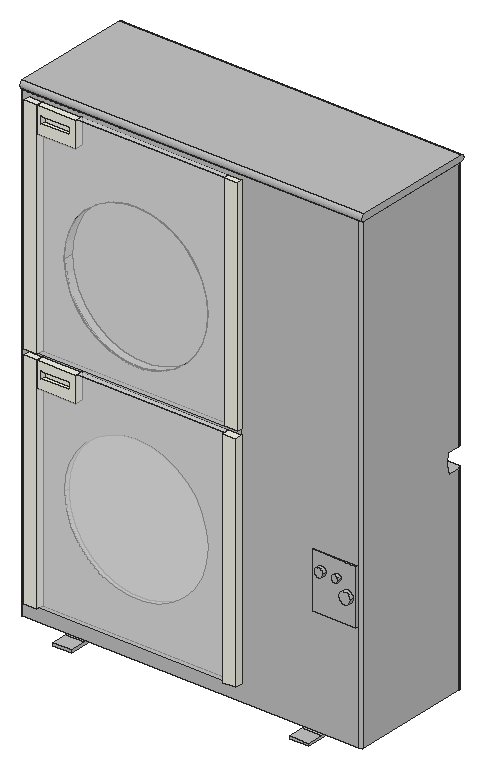
Revit family
Parameters (values of type "PUMY-P36NHMU")
  Width = 950.913 mm  # constant formula
  Subcategory = "HVAC"  # constant formula
  Specification URL = "http://www.mrslim.com/customerCare/resources.asp"
  Sound Pressure Levels (dB(A)) = "49"
  SmartBIM Object Version = 3  # constant formula
  SmartBIM Object Created BY = "Reed Construction Data"  # constant formula
  Refrigerant Type = "R410A"  # constant formula
  Refrigerant Service Valve (Liquid) Radius = 9.525 mm
  Refrigerant Service Valve (Gas) Radius = 15.875 mm
  Refrigerant Charge = "18lbs 12oz"  # constant formula
  Refirigerant Pipe Diameter (Liquid) = "3/8\""
  Refirigerant Pipe Diameter (Gas) = "5/8\""
  Protection Devices High Pressure Protection = "High Pressure Switch"  # constant formula
  Protection Devices Fan = "Overheat / Voltage Protection"  # constant formula
  Protection Devices Compressor = "Discharge Thermo / Overcurrent Detection"  # constant formula
  Pressure Drop FT (Water Source Only) = ""
  Power Source = "208/230, 1, 60"  # constant formula
  Power Input Heating = "2.93 kW"
  Power Input Cooling = "3.22 kW"
  Unit Weight (LBS) = "287"  # constant formula
  Nominal GPM (Water Source Only) = ""
  Model = "PUMY-P36NHMU"
  Manufacturer URL = "http://www.mrslim.com/customerCare/resources.asp"
  MCA = "26"  # constant formula
  MOCP = "40"  # constant formula
  Manufacturer = "Mitsubishi Electric"  # constant formula
  Lubricant = "FV50S"  # constant formula
  Left Air Inlet Width = 220 mm  # constant formula
  Left Air Inlet Height = 1280 mm  # constant formula
  Installation URL = "http://www.mrslim.com/customerCare/resources.asp"
  Indoor Unit Total Capacity = "50% –130% of Outdoor Unit Capacity"  # constant formula
  Indoor Unit Model / Quantity = "P06-P36 / 1 ~ 6"
  Height = 1350.963 mm  # constant formula
  Heating Outdoor = "0°F ~ +60°F (-18° ~ +15°C) WB"  # constant formula
  Grille Support = Smooth Ivory
  Grille = White Matte
  Fan Type x Quantity = "Propeller Fan x 2"  # constant formula
  Fan Motor Output = "0.086 + 0.086 kW"  # constant formula
  Fan Airflow Rate = "3,530 cfm"  # constant formula
  Description = "T/YHMU Outdoor Units"  # constant formula
  Depth = 360.363 mm  # constant formula
  Default Elevation = 1219.2 mm
  Current Heating (208 / 230) = "12.9 / 14.2 A"
  Current Cooling (208 / 230) = "14.2 / 15.7 A"
  Cooling Outdoor = "23°F ~ 115°F (-5° ~ +46°C) DB"  # constant formula
  Compressor Type = "Inverter scroll hermetic"  # constant formula
  Compressor Motor Output = "2.2 kW"
  Heating Capacity (BTU) = "36,000"
  Cooling Capacity (BTU) = "40,000"
  Back Air Inlet Width = 925 mm  # constant formula
  Back Air Inlet Height = 600 mm  # constant formula
  Assembly Code = "D3050200"
  Air Outlet Width = 590 mm  # constant formula
  Air Outlet Height = 1255 mm  # constant formula
  External Finish = Pre-coated Galvanized-Steel Sheet
  95 CSI = "15670"  # constant formula
  04 CSI = "23 81 26"  # constant formula
Types (2, lengths in mm): name | Sound Pressure Levels (dB(A)) | Power Input Heating | Power Input Cooling | Model | Indoor Unit Model / Quantity | Current Heating (208 / 230) | Current Cooling (208 / 230) | Compressor Motor Output | Heating Capacity (BTU) | Cooling Capacity (BTU)
  PUMY-P36NHMU | "49" | "2.93 kW" | "3.22 kW" | "PUMY-P36NHMU" | "P06-P36 / 1 ~ 6" | "12.9 / 14.2 A" | "14.2 / 15.7 A" | "2.2 kW" | "36,000" | "40,000"
  PUMY-P48NHMU | "50" | "4.88 kW" | "4.97 kW" | "PUMY-P48NHMU" | "P06-P54 / 1 ~ 8" | "23.6 / 21.3 A" | "24.0 / 21.7 A" | "2.4 kW" | "48,000" | "54,000"
Reference planes
  plane 1 "Center (Front/Back)": y = 242.219
  plane 2: z = 0
  plane 3 "Center (Left/Right)": x = -106.028
  plane 4: x = -581.484
  plane 5: x = 369.428
  plane 6: y = 422.4
  plane 7: y = 62.038
  plane 8: z = 1350.963
  plane 9: x = -568.528
  plane 10: y = 416.719
  plane 11: y = 76.064
  plane 12: z = 1330.546
  plane 13: x = 356.472
  plane 14: y = 71.552
  plane 15: x = 234.45
  plane 16: y = 429.799
  plane 17: y = -937.962
  plane 18: y = 572.4
  plane 19: x = -591.484
  plane 20: x = 379.428
Forms (mm)
  Extrusion 1, solid, material "Pre-coated Galvanized-Steel Sheet" <- "External Finish"
    sketch origin (-106.028, 0, 0) x (0, 1, 0) y (0, 0, 1)
      loop
        line (414.601, 1330.546) -> (88.564, 1330.546) -> (88.564, 18.449) -> (414.601, 18.449) -> (414.601, 570.436) -> (344.601, 570.436)
        arc (344.601, 570.436) -> (342.119, 597.936) -> (344.601, 625.436) r 153.605
        line (344.601, 625.436) -> (414.601, 625.436) -> (414.601, 1330.546)
      loop
        line (337.12, 116.505) -> (337.12, 292.663)
        arc (337.12, 292.663) -> (320.671, 301.596) -> (303.431, 294.306) r 21.571
        line (303.431, 294.306) -> (303.431, 119.213)
        arc (303.431, 119.213) -> (319.426, 107.297) -> (337.12, 116.505) r 18.774
      loop
        line (292.12, 116.505) -> (292.12, 292.663)
        arc (292.12, 292.663) -> (275.671, 301.596) -> (258.431, 294.306) r 21.571
        line (258.431, 294.306) -> (258.431, 119.213)
        arc (258.431, 119.213) -> (274.426, 107.297) -> (292.12, 116.505) r 18.774
      loop
        line (242.12, 116.505) -> (242.12, 292.663)
        arc (242.12, 292.663) -> (225.671, 301.596) -> (208.431, 294.306) r 21.571
        line (208.431, 294.306) -> (208.431, 119.213)
        arc (208.431, 119.213) -> (224.426, 107.297) -> (242.12, 116.505) r 18.774
      loop
        line (197.12, 116.505) -> (197.12, 292.663)
        arc (197.12, 292.663) -> (180.671, 301.596) -> (163.431, 294.306) r 21.571
        line (163.431, 294.306) -> (163.431, 119.213)
        arc (163.431, 119.213) -> (179.426, 107.297) -> (197.12, 116.505) r 18.774
      loop
        line (337.12, 321.505) -> (337.12, 497.663)
        arc (337.12, 497.663) -> (320.671, 506.596) -> (303.431, 499.306) r 21.571
        line (303.431, 499.306) -> (303.431, 324.213)
        arc (303.431, 324.213) -> (319.426, 312.297) -> (337.12, 321.505) r 18.774
      loop
        line (292.12, 321.505) -> (292.12, 497.663)
        arc (292.12, 497.663) -> (275.671, 506.596) -> (258.431, 499.306) r 21.571
        line (258.431, 499.306) -> (258.431, 324.213)
        arc (258.431, 324.213) -> (274.426, 312.297) -> (292.12, 321.505) r 18.774
      loop
        line (242.12, 321.505) -> (242.12, 497.663)
        arc (242.12, 497.663) -> (225.671, 506.596) -> (208.431, 499.306) r 21.571
        line (208.431, 499.306) -> (208.431, 324.213)
        arc (208.431, 324.213) -> (224.426, 312.297) -> (242.12, 321.505) r 18.774
      loop
        line (197.12, 321.505) -> (197.12, 497.663)
        arc (197.12, 497.663) -> (180.671, 506.596) -> (163.431, 499.306) r 21.571
        line (163.431, 499.306) -> (163.431, 324.213)
        arc (163.431, 324.213) -> (179.426, 312.297) -> (197.12, 321.505) r 18.774
      loop
        line (292.12, 521.505) -> (292.12, 697.663)
        arc (292.12, 697.663) -> (275.671, 706.596) -> (258.431, 699.306) r 21.571
        line (258.431, 699.306) -> (258.431, 524.213)
        arc (258.431, 524.213) -> (274.426, 512.297) -> (292.12, 521.505) r 18.774
      loop
        line (242.12, 521.505) -> (242.12, 697.663)
        arc (242.12, 697.663) -> (225.671, 706.596) -> (208.431, 699.306) r 21.571
        line (208.431, 699.306) -> (208.431, 524.213)
        arc (208.431, 524.213) -> (224.426, 512.297) -> (242.12, 521.505) r 18.774
      loop
        line (197.12, 521.505) -> (197.12, 697.663)
        arc (197.12, 697.663) -> (180.671, 706.596) -> (163.431, 699.306) r 21.571
        line (163.431, 699.306) -> (163.431, 524.213)
        arc (163.431, 524.213) -> (179.426, 512.297) -> (197.12, 521.505) r 18.774
      loop
        line (337.12, 726.505) -> (337.12, 902.663)
        arc (337.12, 902.663) -> (320.671, 911.596) -> (303.431, 904.306) r 21.571
        line (303.431, 904.306) -> (303.431, 729.213)
        arc (303.431, 729.213) -> (319.426, 717.297) -> (337.12, 726.505) r 18.774
      loop
        line (292.12, 726.505) -> (292.12, 902.663)
        arc (292.12, 902.663) -> (275.671, 911.596) -> (258.431, 904.306) r 21.571
        line (258.431, 904.306) -> (258.431, 729.213)
        arc (258.431, 729.213) -> (274.426, 717.297) -> (292.12, 726.505) r 18.774
      loop
        line (242.12, 726.505) -> (242.12, 902.663)
        arc (242.12, 902.663) -> (225.671, 911.596) -> (208.431, 904.306) r 21.571
        line (208.431, 904.306) -> (208.431, 729.213)
        arc (208.431, 729.213) -> (224.426, 717.297) -> (242.12, 726.505) r 18.774
      loop
        line (197.12, 726.505) -> (197.12, 902.663)
        arc (197.12, 902.663) -> (180.671, 911.596) -> (163.431, 904.306) r 21.571
        line (163.431, 904.306) -> (163.431, 729.213)
        arc (163.431, 729.213) -> (179.426, 717.297) -> (197.12, 726.505) r 18.774
      loop
        line (337.12, 929.63) -> (337.12, 1105.788)
        arc (337.12, 1105.788) -> (320.671, 1114.721) -> (303.431, 1107.431) r 21.571
        line (303.431, 1107.431) -> (303.431, 932.338)
        arc (303.431, 932.338) -> (319.426, 920.422) -> (337.12, 929.63) r 18.774
      loop
        line (292.12, 929.63) -> (292.12, 1105.788)
        arc (292.12, 1105.788) -> (275.671, 1114.721) -> (258.431, 1107.431) r 21.571
        line (258.431, 1107.431) -> (258.431, 932.338)
        arc (258.431, 932.338) -> (274.426, 920.422) -> (292.12, 929.63) r 18.774
      loop
        line (242.12, 929.63) -> (242.12, 1105.788)
        arc (242.12, 1105.788) -> (225.671, 1114.721) -> (208.431, 1107.431) r 21.571
        line (208.431, 1107.431) -> (208.431, 932.338)
        arc (208.431, 932.338) -> (224.426, 920.422) -> (242.12, 929.63) r 18.774
      loop
        line (197.12, 929.63) -> (197.12, 1105.788)
        arc (197.12, 1105.788) -> (180.671, 1114.721) -> (163.431, 1107.431) r 21.571
        line (163.431, 1107.431) -> (163.431, 932.338)
        arc (163.431, 932.338) -> (179.426, 920.422) -> (197.12, 929.63) r 18.774
      loop
        line (337.12, 1134.63) -> (337.12, 1310.788)
        arc (337.12, 1310.788) -> (320.671, 1319.721) -> (303.431, 1312.431) r 21.571
        line (303.431, 1312.431) -> (303.431, 1137.338)
        arc (303.431, 1137.338) -> (319.426, 1125.422) -> (337.12, 1134.63) r 18.774
      loop
        line (292.12, 1134.63) -> (292.12, 1310.788)
        arc (292.12, 1310.788) -> (275.671, 1319.721) -> (258.431, 1312.431) r 21.571
        line (258.431, 1312.431) -> (258.431, 1137.338)
        arc (258.431, 1137.338) -> (274.426, 1125.422) -> (292.12, 1134.63) r 18.774
      loop
        line (242.12, 1134.63) -> (242.12, 1310.788)
        arc (242.12, 1310.788) -> (225.671, 1319.721) -> (208.431, 1312.431) r 21.571
        line (208.431, 1312.431) -> (208.431, 1137.338)
        arc (208.431, 1137.338) -> (224.426, 1125.422) -> (242.12, 1134.63) r 18.774
      loop
        line (197.12, 1134.63) -> (197.12, 1310.788)
        arc (197.12, 1310.788) -> (180.671, 1319.721) -> (163.431, 1312.431) r 21.571
        line (163.431, 1312.431) -> (163.431, 1137.338)
        arc (163.431, 1137.338) -> (179.426, 1125.422) -> (197.12, 1134.63) r 18.774
      loop
        line (337.12, 68.449) -> (337.12, 88.449)
        arc (337.12, 88.449) -> (320.275, 99.685) -> (303.431, 88.449) r 18.245
        line (303.431, 88.449) -> (303.431, 68.449)
        arc (303.431, 68.449) -> (320.275, 59.359) -> (337.12, 68.449) r 20.153
      loop
        line (290.493, 68.449) -> (290.493, 88.449)
        arc (290.493, 88.449) -> (273.648, 99.685) -> (256.804, 88.449) r 18.245
        line (256.804, 88.449) -> (256.804, 68.449)
        arc (256.804, 68.449) -> (273.648, 59.359) -> (290.493, 68.449) r 20.153
      loop
        line (242.12, 68.449) -> (242.12, 88.449)
        arc (242.12, 88.449) -> (225.275, 99.685) -> (208.431, 88.449) r 18.245
        line (208.431, 88.449) -> (208.431, 68.449)
        arc (208.431, 68.449) -> (225.275, 59.359) -> (242.12, 68.449) r 20.153
      loop
        line (197.12, 68.449) -> (197.12, 88.449)
        arc (197.12, 88.449) -> (180.275, 99.685) -> (163.431, 88.449) r 18.245
        line (163.431, 88.449) -> (163.431, 68.449)
        arc (163.431, 68.449) -> (180.275, 59.359) -> (197.12, 68.449) r 20.153
    from -475.456 to -462.5
  Extrusion 2, solid, material "Pre-coated Galvanized-Steel Sheet" <- "External Finish"
    sketch origin (0, 0, 0) x (1, 0, 0) y (0, 1, 0)
      loop
        line (-568.528, 409.9) -> (356.743, 409.9) -> (356.743, 89.376) -> (-568.528, 89.376) -> (-568.528, 91.494) -> (-581.484, 91.494) -> (-581.484, 83.362)
        arc (-581.484, 83.362) -> (-579.347, 78.201) -> (-574.186, 76.064) r 7.298
        line (-574.186, 76.064) -> (360.123, 76.064)
        arc (360.123, 76.064) -> (365.261, 77.815) -> (369.428, 81.294) r 14.868
        line (369.428, 81.294) -> (369.428, 411.66)
        arc (369.428, 411.66) -> (366.282, 419.255) -> (358.688, 422.4) r 10.74
        line (358.688, 422.4) -> (-573.73, 422.4)
        arc (-573.73, 422.4) -> (-578.891, 420.263) -> (-581.028, 415.102) r 7.298
        line (-581.028, 415.102) -> (-581.028, 407.782) -> (-568.528, 407.782) -> (-568.528, 409.9)
    from 18.449 to 1330.546
  Extrusion 3, void
    sketch origin (-106.028, 25.4, 0) x (0, 1, 0) y (0, 0, 1)
      loop
        line (414.601, 570.436) -> (350.437, 570.436)
        arc (350.437, 570.436) -> (346.478, 597.797) -> (347.133, 625.436) r 165.311
        line (347.133, 625.436) -> (414.601, 625.436) -> (425.777, 625.436) -> (425.777, 570.509) -> (414.601, 570.509)
    from -498.619 to 604.84
  Extrusion 4, solid, material "Pre-coated Galvanized-Steel Sheet" <- "External Finish"
    sketch origin (0, 0, 0) x (1, 0, 0) y (0, 1, 0)
      loop
        line (-568.528, 416.719) -> (-568.528, 88.564) -> (368.972, 88.564) -> (368.972, 416.719) -> (-568.528, 416.719)
    from 18.449 to 1330.546
  Extrusion 5, solid, material "White Matte" <- "Grille"
    sketch origin (0, 242.219, 0) x (1, 0, 0) y (0, 0, 1)
      loop
        line (-410.076, 1319.302) -> (-410.076, 1249.302) -> (-520.076, 1249.302) -> (-520.076, 699.302) -> (-0.076, 699.302) -> (-0.076, 1319.302) -> (-410.076, 1319.302)
      loop
        line (-410.076, 684.302) -> (-410.076, 614.302) -> (-520.076, 614.302) -> (-520.076, 64.302) -> (-0.076, 64.302) -> (-0.076, 684.302) -> (-410.076, 684.302)
    from 166.155 to 182.522
  Extrusion 6, solid, material "Smooth Ivory" <- "Grille Support"
    sketch origin (0, 242.219, 0) x (1, 0, 0) y (0, 0, 1)
      loop
        line (-0.076, 1319.302) -> (-0.076, 699.302) -> (34.924, 699.302) -> (34.924, 1319.302) -> (-0.076, 1319.302)
    from 165.974 to 180.181
  Extrusion 7, solid, material "Smooth Ivory" <- "Grille Support"
    sketch origin (-520.151, 242.219, 0) x (-1, 0, 0) y (0, 0, -1)
      loop
        line (-0.076, -1319.302) -> (35.381, -1319.302) -> (35.381, -699.302) -> (-0.076, -699.302) -> (-0.076, -1319.302)
    from 165.974 to 187
  Extrusion 8, solid, material "Smooth Ivory" <- "Grille Support"
    sketch origin (0, 242.219, -635) x (1, 0, 0) y (0, 0, 1)
      loop
        line (-0.076, 1319.302) -> (-0.076, 699.302) -> (34.924, 699.302) -> (34.924, 1319.302) -> (-0.076, 1319.302)
    from 165.974 to 187
  Extrusion 9, solid, material "Smooth Ivory" <- "Grille Support"
    sketch origin (-520.151, 242.219, -635) x (-1, 0, 0) y (0, 0, -1)
      loop
        line (-0.076, -1319.302) -> (34.924, -1319.302) -> (34.924, -699.302) -> (-0.076, -699.302) -> (-0.076, -1319.302)
    from 165.974 to 187
  Extrusion 10, solid, material "Smooth Ivory" <- "Grille Support"
    sketch origin (0, 242.219, 0) x (1, 0, 0) y (0, 0, 1)
      loop
        line (-520.076, 1249.302) -> (-410.076, 1249.302) -> (-410.076, 1319.302) -> (-520.076, 1319.302) -> (-520.076, 1249.302)
    from 166.155 to 187
  Extrusion 11, void
    sketch origin (0, 242.219, 0) x (1, 0, 0) y (0, 0, 1)
      loop
        line (-507.534, 1297.425) -> (-507.534, 1277.425) -> (-427.534, 1277.425) -> (-427.534, 1297.425) -> (-507.534, 1297.425)
    from 174.851 to 190.773
  Extrusion 12, solid, material "Smooth Ivory" <- "Grille Support"
    sketch origin (0, 242.219, -635) x (1, 0, 0) y (0, 0, 1)
      loop
        line (-520.076, 1249.302) -> (-410.076, 1249.302) -> (-410.076, 1319.302) -> (-520.076, 1319.302) -> (-520.076, 1249.302)
    from 165.974 to 187
  Extrusion 13, void
    sketch origin (0, 242.219, -635) x (1, 0, 0) y (0, 0, 1)
      loop
        line (-507.534, 1297.425) -> (-507.534, 1277.425) -> (-427.534, 1277.425) -> (-427.534, 1297.425) -> (-507.534, 1297.425)
    from 174.851 to 190.773
  Extrusion 14, solid, material "Pre-coated Galvanized-Steel Sheet" <- "External Finish"
    sketch origin (-106.028, 0, 0) x (0, 1, 0) y (0, 0, 1)
      loop
        line (40.08, 0) -> (444.359, 0) -> (444.359, 6.906) -> (398.924, 6.906)
        arc (398.924, 6.906) -> (394.072, 11.801) -> (392.259, 18.449) r 13.539
        line (392.259, 18.449) -> (91.998, 18.449)
        arc (91.998, 18.449) -> (90.184, 11.801) -> (85.333, 6.906) r 13.539
        line (85.333, 6.906) -> (40.08, 6.906) -> (40.08, 0)
    from -356.484 to -304.048
  Extrusion 15, solid, material "Pre-coated Galvanized-Steel Sheet" <- "External Finish"
    sketch origin (-53.873, 0, 0) x (0, 1, 0) y (0, 0, -1)
      loop
        line (40.08, 0) -> (40.08, -6.906) -> (85.333, -6.906)
        arc (85.333, -6.906) -> (90.184, -11.801) -> (91.998, -18.449) r 13.539
        line (91.998, -18.449) -> (392.259, -18.449)
        arc (392.259, -18.449) -> (394.072, -11.801) -> (398.924, -6.906) r 13.539
        line (398.924, -6.906) -> (444.359, -6.906) -> (444.359, 0) -> (40.08, 0)
    from -304.329 to -251.893
  Extrusion 16, solid, material "Pre-coated Galvanized-Steel Sheet" <- "External Finish"
    sketch origin (-106.028, -0.545, -2.247) x (0, 1, 0) y (0, 0, 1)
      loop
        line (421.91, 1350.962) -> (83.284, 1350.962)
        arc (83.284, 1350.962) -> (76.916, 1342.841) -> (79.276, 1332.793) r 11.917
        line (79.276, 1332.793) -> (419.1, 1332.793)
        arc (419.1, 1332.793) -> (428.286, 1340.674) -> (421.91, 1350.962) r 9.303
    from -475.456 to 475.456
  Extrusion 17, solid, material "Pre-coated Galvanized-Steel Sheet" <- "External Finish"
    sketch origin (-106.028, -31.25, 0) x (0, 1, 0) y (0, 0, 1)
      loop
        line (383.37, 1319.729) -> (163.37, 1319.729) -> (163.37, 39.729) -> (383.37, 39.729) -> (383.37, 1319.729)
    from -462.5 to -459.133
  Extrusion 18, solid, material "White Matte" <- "Grille"
    sketch origin (45, 242.219, 0) x (1, 0, 0) y (0, 0, 1)
      loop
        line (311.472, 1268.811) -> (-613.528, 1268.811) -> (-613.528, 668.811) -> (311.472, 668.811) -> (311.472, 1268.811)
    from -180.181 to -187.58
  Extrusion 19, solid, material "White Matte" <- "Grille"
    sketch origin (0, 242.219, 0) x (1, 0, 0) y (0, 0, 1)
      loop
        line (-555.076, 1319.302) -> (-555.076, 64.302) -> (34.924, 64.302) -> (34.924, 1319.302) -> (-555.076, 1319.302)
    from 163.328 to 166.155
  Extrusion 20, void
    sketch origin (0, 242.219, 0) x (1, 0, 0) y (0, 0, 1)
      loop
        circle (-257.636, 370.602) r 200
    from 141.148 to 180
  Extrusion 21, void
    sketch origin (0, 242.219, 580) x (1, 0, 0) y (0, 0, 1)
      loop
        circle (-257.636, 370.602) r 200
    from 141.148 to 168.328
  Extrusion 22, solid, material "Pre-coated Galvanized-Steel Sheet" <- "External Finish"
    sketch origin (-37.955, 76.245, 369.062) x (1, 0, 0) y (0, 0, 1)
      loop
        circle (297.92, 57.199) r 12
      loop
        circle (342.45, 56.507) r 9.52
      loop
        circle (369.978, 19.007) r 15.88
    from 4.693 to 14.207
  Extrusion 23, solid, material "Pre-coated Galvanized-Steel Sheet" <- "External Finish"
    sketch origin (-574.186, 76.064, 0) x (1, 0, 0) y (0, 0, 1)
      loop
        line (808.636, 471.064) -> (808.636, 318.564) -> (930.658, 318.564) -> (930.658, 471.064) -> (808.636, 471.064)
    from 0 to 4.512
Cuts and joins
  Extrusion 3, Extrusion 11, Extrusion 20, Extrusion 21 cuts Extrusion 2
  Extrusion 3, Extrusion 11, Extrusion 21 cuts Extrusion 4
  Extrusion 21 cuts Extrusion 14
  joined: Extrusion 1, Extrusion 2, Extrusion 4, Extrusion 14, Extrusion 22
  Extrusion 3 cuts Extrusion 17
  Extrusion 11, Extrusion 13, Extrusion 21 cuts Extrusion 5
  Extrusion 11, Extrusion 13 cuts Extrusion 10
  Extrusion 21 cuts Extrusion 6
  Extrusion 21 cuts Extrusion 7
  Extrusion 21 cuts Extrusion 8
  Extrusion 21 cuts Extrusion 9
  joined: Extrusion 6, Extrusion 7, Extrusion 8, Extrusion 9
  Extrusion 13 cuts Extrusion 12
  Extrusion 21 cuts Extrusion 19
Lines and regions (mm)
  symbolic lines, style "Clearances"
    curve 1: line (-591.484, -937.962, 0) -> (379.428, -937.962, 0)
    curve 2: line (-591.484, 572.4, 0) -> (-591.484, -937.962, 0)
    curve 3: line (379.428, 572.4, 0) -> (-591.484, 572.4, 0)
    curve 4: line (379.428, -937.962, 0) -> (379.428, 572.4, 0)
Dimensions and locks
  equal spacing: plane 6, plane 1 "Center (Front/Back)", plane 7
  equal spacing: plane 4, plane 3 "Center (Left/Right)", plane 5
  "Width": plane 4 to plane 5
  "Depth": plane 6 to plane 7
  "Height": plane 8 to level
  "Left Air Inlet Width": Extrusion 17 sketch curve to Extrusion 17 sketch curve
  "Left Air Inlet Height": Extrusion 17 sketch curve to Extrusion 17 sketch curve
  "Back Air Inlet Width": Extrusion 18 sketch curve to Extrusion 18 sketch curve
  "Back Air Inlet Height": Extrusion 18 sketch curve to Extrusion 18 sketch curve
  Extrusion 18 to cut or joined group 1 (Extrusion 1, Extrusion 2, Extrusion 3, Extrusion 4, Extrusion 11, Extrusion 14, Extrusion 20, Extrusion 21, Extrusion 22) = 7.399 mm
  "Air Outlet Width": Extrusion 19 sketch curve to Extrusion 19 sketch curve
  "Air Outlet Height": Extrusion 19 sketch curve to Extrusion 19 sketch curve
  Extrusion 2 sketch curve to Extrusion 2 sketch curve to Extrusion 2 sketch curve = 2.118 mm locked, 12.5 mm locked
  locked: Extrusion 2 sketch curve to plane 11 at 5.23
  locked: Extrusion 2 sketch curve to Extrusion 2 sketch curve at 12.685
  locked: plane 6 to Extrusion 2 sketch curve at 10.74
  Extrusion 3 sketch curve to plane 6 = 28.777 mm
  locked: Extrusion 3 sketch curve to Extrusion 3 sketch curve at 54.927
  plane 6 to Extrusion 3 sketch curve = 50.82 mm
  locked: Extrusion 2 sketch curve to plane 5 at 9.305
  plane 3 "Center (Left/Right)" to Extrusion 15 = 304.048 mm
  locked: Extrusion 15 to Extrusion 15 at 52.437
  locked: Extrusion 2 sketch curve to plane 9 at 5.202
  locked: Extrusion 2 sketch curve to Extrusion 2 sketch curve at 7.298
  locked: plane 4 to cut or joined group of Extrusion 6, Extrusion 7, Extrusion 8, Extrusion 9, Extrusion 21 at 25.952
  locked: cut or joined group of Extrusion 10, Extrusion 11, Extrusion 13 to cut or joined group of Extrusion 10, Extrusion 11, Extrusion 13 at 110
  locked: plane 4 to Extrusion 2 sketch curve at 7.298
  locked: Extrusion 2 sketch curve to plane 11 at 7.298
  locked: Extrusion 2 sketch curve to Extrusion 2 sketch curve at 2.118
  locked: plane 11 to plane 14 at 4.512
  locked: plane 14 to plane 7 at 9.514
  locked: plane 13 to plane 15 at 122.022
  locked: plane 7 to plane 17 at 1000
  locked: plane 19 to plane 4 at 10
  locked: plane 18 to plane 6 at 150
  aligned and locked: plane 4 to Extrusion 1
  aligned and locked: Extrusion 1 to plane 9
  aligned and locked: plane 12 to Extrusion 2
  aligned and locked: plane 12 to Extrusion 1
  aligned and locked: Extrusion 1 to Extrusion 3 sketch curve
  aligned and locked: Extrusion 4 sketch curve to plane 10
  aligned and locked: plane 12 to Extrusion 4
  aligned and locked: plane 11 to Extrusion 2 sketch curve
  aligned and locked: plane 11 to Extrusion 5
  aligned and locked: Extrusion 6 to plane 7
  aligned and locked: Extrusion 5 to Extrusion 6
  aligned and locked: Extrusion 6 to Extrusion 5
  aligned and locked: plane 11 to Extrusion 10
  aligned and locked: level to Extrusion 14 sketch curve
  aligned and locked: plane 4 to Extrusion 16
  aligned and locked: Extrusion 16 sketch curve to plane 12
  aligned and locked: Extrusion 17 to Extrusion 1
  aligned and locked: plane 6 to Extrusion 18
  aligned and locked: Extrusion 19 to plane 11
  aligned and locked: Extrusion 2 sketch curve to plane 6
  aligned and locked: Extrusion 2 sketch curve to plane 11
  aligned and locked: Extrusion 16 to plane 5
  aligned and locked: plane 13 to Extrusion 18
  aligned and locked: plane 9 to Extrusion 18
  aligned and locked: Extrusion 10 to cut or joined group of Extrusion 5, Extrusion 11, Extrusion 13, Extrusion 21
  aligned and locked: plane 4 to Extrusion 2 sketch curve
  aligned and locked: plane 9 to Extrusion 2 sketch curve
  aligned and locked: Extrusion 22 to Extrusion 23
  aligned and locked: Extrusion 23 to plane 14
  aligned and locked: Extrusion 22 to plane 7
  aligned and locked: Extrusion 23 sketch curve to plane 13
  aligned and locked: plane 15 to Extrusion 23 sketch curve
  aligned and locked: plane 17 to curve 1
  aligned and locked: plane 19 to curve 2
  aligned and locked: plane 20 to curve 4
  aligned and locked: plane 18 to curve 3
Automatic sketch dimensions
  Extrusion 1 sketch curve to plane 12 = 0 mm
  plane 11 to Extrusion 1 sketch curve = 12.5 mm
  plane 1 "Center (Front/Back)" to Extrusion 1 sketch curve = 78.789 mm  (x4)
  Extrusion 1 sketch curve to Extrusion 1 sketch curve = 0 mm  (x28)
  Extrusion 1 sketch curve to plane 12 = 18.115 mm
  Extrusion 1 sketch curve to Extrusion 1 sketch curve = 16.189 mm  (x36)
  Extrusion 1 sketch curve to Extrusion 1 sketch curve = 16.845 mm  (x7)
  Extrusion 1 sketch curve to Extrusion 1 sketch curve = 17.5 mm  (x21)
  plane 1 "Center (Front/Back)" to Extrusion 1 sketch curve = 33.789 mm  (x7)
  plane 1 "Center (Front/Back)" to Extrusion 1 sketch curve = 17.599 mm  (x6)
  plane 1 "Center (Front/Back)" to Extrusion 1 sketch curve = 16.944 mm
  plane 1 "Center (Front/Back)" to Extrusion 1 sketch curve = 16.289 mm  (x6)
  Extrusion 1 sketch curve to Extrusion 1 sketch curve = 14.684 mm
  Extrusion 1 sketch curve to Extrusion 1 sketch curve = 16.311 mm  (x6)
  Extrusion 1 sketch curve to Extrusion 1 sketch curve = 11.311 mm  (x5)
  Extrusion 1 sketch curve to Extrusion 1 sketch curve = 12.937 mm
  Extrusion 1 sketch curve to plane 10 = 72.118 mm
  Extrusion 1 sketch curve to plane 10 = 2.118 mm  (x2)
  plane 6 to Extrusion 1 sketch curve = 73.323 mm
  Extrusion 1 sketch curve to plane 12 = 19.759 mm  (x4)
  Extrusion 1 sketch curve to Extrusion 1 sketch curve = 12.611 mm  (x3)
  Extrusion 1 sketch curve to Extrusion 1 sketch curve = 154.041 mm  (x4)
  Extrusion 1 sketch curve to Extrusion 1 sketch curve = 6.797 mm  (x17)
  Extrusion 1 sketch curve to Extrusion 1 sketch curve = 2.709 mm  (x6)
  Extrusion 1 sketch curve to Extrusion 1 sketch curve = 27.199 mm  (x5)
  Extrusion 1 sketch curve to Extrusion 1 sketch curve = 29.907 mm  (x6)
  Extrusion 1 sketch curve to Extrusion 1 sketch curve = 28.842 mm  (x3)
  Extrusion 1 sketch curve to Extrusion 1 sketch curve = 1.644 mm  (x15)
  Extrusion 1 sketch curve to Extrusion 1 sketch curve = 25.324 mm  (x2)
  Extrusion 1 sketch curve to Extrusion 1 sketch curve = 28.032 mm  (x2)
  Extrusion 1 sketch curve to Extrusion 1 sketch curve = 26.967 mm
  Extrusion 1 sketch curve to Extrusion 1 sketch curve = 59.616 mm
  Extrusion 1 sketch curve to Extrusion 1 sketch curve = 27.5 mm
  Extrusion 1 sketch curve to Extrusion 1 sketch curve = 39.426 mm
  Extrusion 1 sketch curve to Extrusion 1 sketch curve = 24.907 mm  (x3)
  Extrusion 1 sketch curve to Extrusion 1 sketch curve = 22.199 mm
  level to Extrusion 1 sketch curve = 126.01 mm
  Extrusion 1 sketch curve to Extrusion 1 sketch curve = 30.764 mm
  Extrusion 1 sketch curve to Extrusion 1 sketch curve = 28.056 mm  (x2)
  Extrusion 1 sketch curve to Extrusion 1 sketch curve = 7.009 mm  (x4)
  Extrusion 1 sketch curve to Extrusion 1 sketch curve = 1.929 mm  (x4)
  Extrusion 1 sketch curve to Extrusion 1 sketch curve = 20 mm  (x2)
  level to Extrusion 1 sketch curve = 18.449 mm
  plane 10 to Extrusion 3 sketch curve = 23.282 mm
  Extrusion 3 sketch curve to Extrusion 3 sketch curve = 0 mm
  Extrusion 3 sketch curve to Extrusion 3 sketch curve = 67.468 mm
  Extrusion 3 sketch curve to Extrusion 3 sketch curve = 17.726 mm
  Extrusion 3 sketch curve to Extrusion 3 sketch curve = 0.073 mm
  Extrusion 4 sketch curve to plane 9 = 0 mm
  plane 11 to Extrusion 4 sketch curve = 12.5 mm
  Extrusion 5 sketch curve to plane 9 = 48.452 mm  (x2)
  Extrusion 5 sketch curve to Extrusion 5 sketch curve = 110 mm  (x2)
  plane 3 "Center (Left/Right)" to Extrusion 5 sketch curve = 105.952 mm
  Extrusion 5 sketch curve to Extrusion 5 sketch curve = 0 mm
  level to Extrusion 5 sketch curve = 64.302 mm
  Extrusion 5 sketch curve to Extrusion 5 sketch curve = 550 mm
  Extrusion 5 sketch curve to Extrusion 5 sketch curve = 70 mm
  Extrusion 5 sketch curve to Extrusion 5 sketch curve = 85 mm
  Extrusion 5 sketch curve to plane 12 = 81.245 mm
  Extrusion 5 sketch curve to plane 12 = 11.245 mm
  plane 3 "Center (Left/Right)" to Extrusion 6 sketch curve = 105.952 mm
  Extrusion 6 sketch curve to Extrusion 6 sketch curve = 35 mm
  Extrusion 6 sketch curve to plane 12 = 631.245 mm
  Extrusion 6 sketch curve to plane 12 = 11.245 mm
  plane 9 to Extrusion 7 sketch curve = 48.452 mm
  plane 9 to Extrusion 7 sketch curve = 12.996 mm
  plane 12 to Extrusion 7 sketch curve = 631.245 mm
  plane 12 to Extrusion 7 sketch curve = 11.245 mm
  plane 3 "Center (Left/Right)" to Extrusion 8 sketch curve = 105.952 mm
  Extrusion 8 sketch curve to Extrusion 8 sketch curve = 35 mm
  level to Extrusion 8 sketch curve = 64.302 mm
  Extrusion 8 sketch curve to Extrusion 8 sketch curve = 620 mm
  plane 9 to Extrusion 9 sketch curve = 48.452 mm
  plane 9 to Extrusion 9 sketch curve = 13.452 mm
  Extrusion 9 sketch curve to level = 64.302 mm
  Extrusion 9 sketch curve to Extrusion 9 sketch curve = 620 mm
  Extrusion 10 sketch curve to plane 12 = 11.245 mm
  Extrusion 10 sketch curve to plane 9 = 48.452 mm
  Extrusion 10 sketch curve to Extrusion 10 sketch curve = 110 mm
  Extrusion 10 sketch curve to Extrusion 10 sketch curve = 70 mm
  Extrusion 11 sketch curve to plane 9 = 60.994 mm
  Extrusion 11 sketch curve to Extrusion 11 sketch curve = 80 mm
  Extrusion 11 sketch curve to plane 12 = 53.122 mm
  Extrusion 11 sketch curve to Extrusion 11 sketch curve = 20 mm
  Extrusion 12 sketch curve to plane 9 = 48.452 mm
  Extrusion 12 sketch curve to Extrusion 12 sketch curve = 110 mm
  level to Extrusion 12 sketch curve = 614.302 mm
  Extrusion 12 sketch curve to Extrusion 12 sketch curve = 70 mm
  Extrusion 13 sketch curve to plane 9 = 60.994 mm
  Extrusion 13 sketch curve to Extrusion 13 sketch curve = 80 mm
  level to Extrusion 13 sketch curve = 642.425 mm
  Extrusion 13 sketch curve to Extrusion 13 sketch curve = 20 mm
  Extrusion 14 sketch curve to plane 7 = 21.958 mm
  plane 11 to Extrusion 14 sketch curve = 2.396 mm
  level to Extrusion 14 sketch curve = 6.906 mm  (x2)
  plane 11 to Extrusion 14 sketch curve = 9.27 mm
  Extrusion 14 sketch curve to Extrusion 14 sketch curve = 6.664 mm  (x2)
  Extrusion 14 sketch curve to plane 10 = 24.46 mm
  Extrusion 14 sketch curve to plane 10 = 10.922 mm
  plane 6 to Extrusion 14 sketch curve = 21.958 mm
  Extrusion 14 sketch curve to Extrusion 14 sketch curve = 11.543 mm
  Extrusion 15 sketch curve to level = 0 mm
  Extrusion 15 sketch curve to plane 7 = 21.958 mm
  plane 11 to Extrusion 15 sketch curve = 2.396 mm
  level to Extrusion 15 sketch curve = 6.906 mm  (x2)
  plane 11 to Extrusion 15 sketch curve = 9.27 mm
  Extrusion 15 sketch curve to Extrusion 15 sketch curve = 6.664 mm  (x2)
  Extrusion 15 sketch curve to plane 10 = 24.46 mm
  Extrusion 15 sketch curve to plane 10 = 10.922 mm
  plane 6 to Extrusion 15 sketch curve = 21.958 mm
  Extrusion 15 sketch curve to Extrusion 15 sketch curve = 11.543 mm
  plane 11 to Extrusion 16 sketch curve = 2.667 mm
  Extrusion 16 sketch curve to plane 8 = 2.247 mm
  plane 11 to Extrusion 16 sketch curve = 6.675 mm
  plane 12 to Extrusion 16 sketch curve = 7.48 mm
  plane 10 to Extrusion 16 sketch curve = 1.828 mm
  plane 10 to Extrusion 16 sketch curve = 4.645 mm
  Extrusion 16 sketch curve to plane 6 = 3.846 mm
  Extrusion 17 sketch curve to plane 12 = 10.817 mm
  plane 1 "Center (Front/Back)" to Extrusion 17 sketch curve = 110.099 mm
  Extrusion 18 sketch curve to plane 9 = 0 mm
  Extrusion 18 sketch curve to plane 12 = 661.735 mm
  Extrusion 19 sketch curve to plane 9 = 13.452 mm
  level to Extrusion 19 sketch curve = 64.302 mm
  Extrusion 20 sketch curve to plane 3 "Center (Left/Right)" = 151.608 mm
  level to Extrusion 20 sketch curve = 370.602 mm
  Extrusion 21 sketch curve to plane 3 "Center (Left/Right)" = 151.608 mm
  Extrusion 21 sketch curve to plane 12 = 379.944 mm
  Extrusion 3 sketch curve to Extrusion 3 sketch curve = 64.164 mm
  Extrusion 2 sketch curve to plane 9 = 0 mm
  Extrusion 2 sketch curve to plane 5 = 0 mm
  plane 13 to Extrusion 2 sketch curve = 1.505 mm
  Extrusion 2 sketch curve to Extrusion 2 sketch curve = 1.4 mm
  Extrusion 2 to Extrusion 23 sketch curve = 300.115 mm
  Extrusion 23 sketch curve to Extrusion 23 sketch curve = 152.5 mm
  Extrusion 22 sketch curve to plane 13 = 96.507 mm
  Extrusion 22 sketch curve to Extrusion 22 sketch curve = 44.531 mm
  Extrusion 22 sketch curve to plane 13 = 24.449 mm
  level to Extrusion 22 sketch curve = 388.069 mm
  Extrusion 22 sketch curve to Extrusion 22 sketch curve = 38.193 mm
  Extrusion 22 sketch curve to Extrusion 22 sketch curve = 0.693 mm
  radius of Extrusion 20 sketch curve = 200 mm
  radius of Extrusion 21 sketch curve = 200 mm
  radius of Extrusion 22 sketch curve = 12 mm
  radius of Extrusion 22 sketch curve = 9.52 mm
  radius of Extrusion 22 sketch curve = 15.88 mm
Connectors
  piping at (332.023, 62.038, 388.069), driven by "Refrigerant Service Valve (Gas) Radius"
    settings: on cut or joined group 1, index 4
  electrical at (259.964, 62.038, 426.262)
    settings: on cut or joined group 1, index 5
  piping at (304.495, 62.038, 425.569), driven by "Refrigerant Service Valve (Liquid) Radius"
    settings: on cut or joined group 1, index 6
